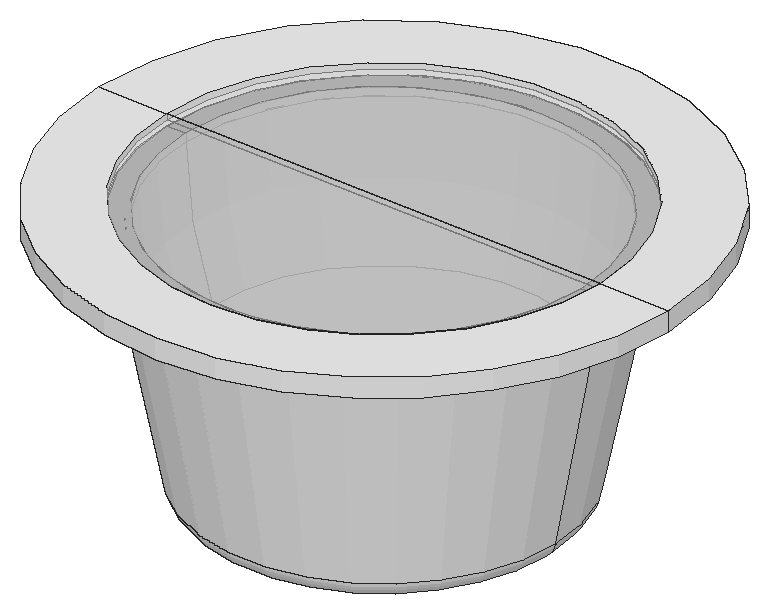
Revit family "2060547+2028034 Sylvania Lighting Fixture ASCENT 100 II ARCH 1000 4K DALI 160 with IP44 Clear Glass", category Lighting Fixtures, host Face, Revit 2016
Family settings
  Host = Face
  Part Type = Normal
  Round Connector Dimension = Use Diameter
  OmniClass Number = 23.80.70.11.17
  OmniClass Title = Specialized Lighting by Location or Use
  Cut with Voids When Loaded = No
  Light Source = Yes
  Shared = No
  Room Calculation Point = No
Parameters (values of type "2060547+2028034 ASCT100 II ARCH 1000 4K DALI 160 with IP44 Clear Glass")
  WidthBezelAcc_SYL = 25.0 mm
  Weight = "1.2 kg"
  Wattage = 7 W
  WarrantyStartDate [instance] = "n/a"
  WarrantyGuarantorParts = "n/a"
  WarrantyDurationUnit = "n/a"
  WarrantyDurationParts = "n/a"
  WarrantyDescription = "n/a"
  built-in parameter 1150110 = 1 (stored number, unit not read)
  Voltage = 0 V
  VisibilityAccessory_SYL = yes
  TypeName = "ASCENT 100 II ARCH 1000 4K DALI 160"
  built-in parameter 1114217 = 1 (stored number, unit not read)
  Tilt Angle = -90°
  built-in parameter 1150109 = 1 (stored number, unit not read)
  built-in parameter 1150134 = 12
  built-in parameter 1150113 = 1 (stored number, unit not read)
  SerialNumber [instance] = "n/a"
  ReflectorRadius_SYL = Radius_SYL - 14.5 mm  # 80.0 mm
  RadiusAcc_SYL = 105.0 mm
  Radius_SYL = 94.5 mm
  URL = "http://www.sylvania-lighting.com"
  PowerFactor = 0
  PowerConsumption = "7 W"
  Photometric Web File = "2060547.ies"
  NominalWidth = 0.0 mm
  NominalLength = 0.0 mm
  NominalHeight = 94.0 mm
  Name = "ASCENT 100 II ARCH 1000 4K DALI 160"
  ModelReference = "ASCENT 100 II ARCH 1000 4K DALI 160"
  ModelNumber = "2060547+2028034"
  Material_4_SYL = none
  Material_3_SYL = Polycarbonate_Sylvania_Ascent_Clear
  Material_2_SYL = Aluminium_Sylvania_Ascent_Silver
  Material_1_SYL = Aluminum_Sylvania_Ascent_White
  Material = "aluminium housing, arcylic diffuser"
  ManufacturerName = "Feilo Sylvania"
  LuminousEfficacy = "144 lm/W"
  built-in parameter 1150105 = 80.214 (stored number, unit not read)
  Lumens = 1008 lm
  LuminaireType = ""
  built-in parameter 1150115 = 1 (stored number, unit not read)
  LightOutputRatio = "100"
  built-in parameter 1150137 = (empty or 0)
  built-in parameter 1150139 = (empty or 0)
  LampsType = Lamp  # "LED"
  LampNominalLuminous = "1009 lm"
  LampMacAdamStep = "3"
  LampColourTemperature = "4000 K"
  LampColourRenderingIndex = "80"
  built-in parameter 1150112 = 1 (stored number, unit not read)
  built-in parameter 1150114 = 1 (stored number, unit not read)
  Keynote = "16500"
  InstallationDate [instance] = "n/a"
  InputVoltage = "n/a"
  InputNominalFrequency = "n/a"
  built-in parameter 1150132 = (empty or 0)
  built-in parameter 1150102 = (empty or 0)
  built-in parameter 1150107 = 4000 (stored number, unit not read)
  built-in parameter 1150138 = (empty or 0)
  IngressProtection = "IP44"
  ImpactProtectionIndex = "IK02"
  built-in parameter 1150106 = 0.80214 (stored number, unit not read)
  IfcExportType = "IfcLightFixtureType"
  IfcExportAs = "IfcLightFixtureType"
  Height_SYL = 94.0 mm
  HeightAcc_SYL = 7.0 mm
  ExpectedLife = 50000
  EmittionSurface_SYL = if(VisibilityAccessory_SYL, 7.0 mm, 3.0 mm)  # 7.0 mm
  Emit from Circle Diameter = DiffuserRadius_SYL * 2  # 146.0 mm
  Emit Shape Visible in Rendering = no
  ElectricShockClassification = "Class II"
  built-in parameter 1150104 = 13.378 (stored number, unit not read)
  DurationUnit = "hours"
  DocumentationLiterature = "http://www.sylvania-lighting.com/product/en-int/products/2060547"
  DimmingControlOptions = "n/a"
  Dimming Lamp Color Temperature Shift = <None>
  DiffuserRadius_SYL = ReflectorRadius_SYL - 7.0 mm  # 73.0 mm
  Diameter_SYL = 2 * Radius_SYL  # 189.0 mm
  CutoutDiameter_SYL = Diameter_SYL - 13.0 mm  # 176.0 mm
  CreatedOn = "9/17/2018"
  CreatedBy = "@sylvania-lighting.com"
  Color Filter = 16777215
  built-in parameter 1114216 [instance] = 1 (stored number, unit not read)
  Model = "ASCENT 100 II ARCH 1000 4K DALI 160"
  Manufacturer = "Feilo Sylvania"
  Lamp = "LED"
  Description = "Direct LED retro fit for original LED 100 Arch (160) single CFL lamp offering Matching lumen levels and improved light distribution of original LED 100 CFL lamp equivalents Typically half the power consumption compared to CFL Up to 112lm/W 160mm aperture Architectural reflector accepts range of glass accessories from existing LED 100 Arch 160 offering HE, HO and VHO versions equivalent of single 1 x 18W, 1 x 32W, 1 x 42W\r\n Additional VVHO versions which offer the performance circa 2 x 32W equivalent"  # constant formula
  Default Elevation = 0.0 mm
  built-in parameter 1140040 [instance] = 1
  BarCode [instance] = "n/a"
  built-in parameter 1114218 = 1 (stored number, unit not read)
  built-in parameter 1150133 = 10 (stored number, unit not read)
  AssetType = "Fixed"
  AssetIdentifier [instance] = "n/a"
  Assembly Code = "D5020200"
  Apparent Load = 7 VA
  Aperture_SYL = 2 * ReflectorRadius_SYL  # 160.0 mm
Reference planes
  plane 1 "Center (Front/Back)": y = 0
  plane 2: z = 0
  plane 3 "Center (Left/Right)": x = 0
  plane 4 "Fixture Bottom": z = 3
  plane 5: z = -52.5
  plane 6 "Fixture Top": z = -91
  plane 7: x = -105
  plane 8: z = 7
  plane 9: x = -80
  plane 10: z = 5
  plane 11: x = -103
Forms (mm)
  Extrusion 1, solid, material "Aluminum_Sylvania_Ascent_White", detail levels fine
    sketch origin (0, 0, 0) x (1, 0, 0) y (0, 1, 0)
      loop
        circle (0, 0) r 94.5
      loop
        circle (0, 0) r 80
    from 0 to 3
  Extrusion 2, void
    sketch origin (0, 0, 0) x (1, 0, 0) y (0, 1, 0)
      loop
        circle (0, 0) r 88
    from -91 to 3
  Revolve 3, solid, material "Aluminum_Sylvania_Ascent_White" <- "Material_1_SYL", detail levels fine
    sketch origin (0, 0, 0) x (1, 0, 0) y (0, 0, 1)
      loop
        line (0, -91.073) -> (0, -89.023) -> (-55.468, -89.014)
        arc (-55.468, -89.014) -> (-59.352, -87.613) -> (-61.54, -84.139) r 6.307
        line (-61.54, -84.139) -> (-77.991, -2.844) -> (-77.991, 0) -> (-80, 0) -> (-80, -3) -> (-63.5, -84.536)
        arc (-63.5, -84.536) -> (-60.643, -89.203) -> (-55.5, -91.073) r 8.291
        line (-55.5, -91.073) -> (0, -91.073)
      axis (0, 0) -> (0, -91.073)
    angle from 0 to 360
  Revolve 4, solid, material "Aluminium_Sylvania_Ascent_Silver" <- "Material_2_SYL", detail levels fine
    sketch origin (0, 0, 0) x (1, 0, 0) y (0, 0, 1)
      loop
        line (-80, 3) -> (-80, 0) -> (-75, 0)
        arc (-75, 0) -> (-72.349, -26.77) -> (-64.5, -52.5) r 136.5
        line (-64.5, -52.5) -> (-58, -52.5)
        arc (-58, -52.5) -> (-56.857, -61.521) -> (-53.5, -69.971) r 36.166
        line (-53.5, -69.971) -> (0, -69.971) -> (0, -50.5) -> (-63.16, -50.5)
        arc (-63.16, -50.5) -> (-70.517, -25.725) -> (-73, 0) r 134.5
        line (-73, 0) -> (-73, 3) -> (-80, 3)
      axis (0, 3) -> (0, -69.971)
    angle from 0 to 360
  Extrusion 5, solid, material "Polycarbonate_Sylvania_Ascent_Clear" <- "Material_3_SYL", detail levels fine
    sketch origin (0, 0, 0) x (1, 0, 0) y (0, 1, 0)
      loop
        circle (0, 0) r 73
    from 0 to 3
  Revolve 6, solid, material "Aluminum_Sylvania_Ascent_White" <- "Material_1_SYL", detail levels coarse+medium
    sketch origin (0, 0, 0) x (1, 0, 0) y (0, 0, 1)
      loop
        line (0, -91.073) -> (0, 3) -> (-94.5, 3) -> (-94.5, 0) -> (-79.5, 0) -> (-79.5, -3) -> (-63, -84.536)
        arc (-63, -84.536) -> (-60.143, -89.203) -> (-55, -91.073) r 8.291
        line (-55, -91.073) -> (0, -91.073)
      axis (0, 3) -> (0, -91.073)
    angle from 0 to 360
  Revolve 7, solid, material "Aluminum_Sylvania_Ascent_White" <- "Material_1_SYL", visible <- "VisibilityAccessory_SYL"
    sketch origin (0, 0, 0) x (1, 0, 0) y (0, 0, 1)
      loop
        line (-105, 0) -> (-103, 0) -> (-103, 5) -> (-80, 5) -> (-80, 7) -> (-105, 7) -> (-105, 0)
      axis (0, 7) -> (0, 0)
    angle from 0 to 360
  Revolve 8, solid, material "Polycarbonate_Sylvania_Ascent_Clear" <- "Material_3_SYL", visible <- "VisibilityAccessory_SYL"
    sketch origin (0, 0, 0) x (1, 0, 0) y (0, 0, 1)
      loop
        line (-80, 7) -> (-80, 5) -> (0, 5) -> (0, 7) -> (-80, 7)
      axis (0, 7) -> (0, 5)
    angle from 0 to 360
Lines and regions (mm)
  reference lines
    curve 1: line (-150, 0, 7) -> (125, 0, 7)
Dimensions and locks
  locked: plane 4 "Fixture Bottom" to plane 2 at 3
  "Height_SYL": plane 4 "Fixture Bottom" to plane 6 "Fixture Top"
  "ReflectorRadius_SYL": plane 3 "Center (Left/Right)" to Revolve 4 sketch curve
  locked: Revolve 4 sketch curve to Revolve 4 sketch curve at 15.5
  locked: Revolve 4 sketch curve to Revolve 4 sketch curve at 5
  locked: Revolve 4 sketch curve to Revolve 4 sketch curve at 7
  locked: Revolve 4 sketch curve to Revolve 4 sketch curve at 22
  locked: Revolve 4 sketch curve to Revolve 4 sketch curve at 26.5
  locked: Revolve 3 sketch curve to Revolve 3 sketch curve at 16.5
  locked: Revolve 3 sketch curve to Revolve 3 sketch curve at 24.5
  "ReflectorRadius_SYL": Revolve 3 sketch curve to plane 3 "Center (Left/Right)"
  locked: Revolve 3 sketch curve to plane 6 "Fixture Top" at 6.464
  locked: plane 2 to Revolve 3 sketch curve at 3
  locked: Revolve 3 sketch curve to Revolve 3 sketch curve at 2
  locked: Revolve 3 sketch curve to Revolve 3 sketch curve at 2.009
  locked: plane 2 to plane 5 at 52.5
  locked: Revolve 6 sketch curve to Revolve 6 sketch curve at 31.5
  locked: Revolve 6 sketch curve to Revolve 6 sketch curve at 39.5
  locked: Revolve 6 sketch curve to Revolve 6 sketch curve at 15
  "Radius_SYL": plane 3 "Center (Left/Right)" to Revolve 6 sketch curve
  "RadiusAcc_SYL": plane 3 "Center (Left/Right)" to plane 7
  "HeightAcc_SYL": plane 8 to level
  "WidthBezelAcc_SYL": plane 7 to plane 9
  locked: plane 7 to plane 11 at 2
  locked: plane 8 to plane 10 at 2
  "EmittionSurface_SYL": curve 1 to level
  "CutoutDiameter_SYL": diameter of Extrusion 2 sketch curve
  "ReflectorRadius_SYL": radius of Extrusion 1 sketch curve
  "DiffuserRadius_SYL": radius of Extrusion 5 sketch curve
  "Radius_SYL": radius of Extrusion 1 sketch curve
  aligned and locked: host face to plane 2
  aligned and locked: host face to level
  aligned and locked: plane 4 "Fixture Bottom" to Extrusion 1
  aligned and locked: Extrusion 1 to plane 2
  aligned and locked: Revolve 3 sketch curve to plane 3 "Center (Left/Right)"
  aligned and locked: Revolve 4 sketch curve to plane 3 "Center (Left/Right)"  (x2)
  aligned and locked: plane 4 "Fixture Bottom" to Revolve 4 sketch curve
  aligned and locked: Extrusion 5 to plane 2
  aligned and locked: plane 2 to Revolve 3 sketch curve  (x2)
  aligned and locked: Revolve 6 sketch curve to plane 3 "Center (Left/Right)"
  aligned and locked: plane 6 "Fixture Top" to Extrusion 2
  aligned and locked: Revolve 7 sketch curve to plane 3 "Center (Left/Right)"
  aligned and locked: host face to Revolve 7 sketch curve  (x2)
  aligned and locked: Revolve 7 sketch curve to plane 7
  aligned and locked: plane 8 to Revolve 7 sketch curve
  aligned and locked: plane 9 to Revolve 7 sketch curve
  aligned and locked: Revolve 7 sketch curve to plane 10
  aligned and locked: plane 11 to Revolve 7 sketch curve
  aligned and locked: Revolve 7 to Revolve 8 sketch curve
  aligned and locked: Revolve 8 sketch curve to Revolve 7  (x2)
  aligned and locked: Revolve 8 sketch curve to plane 3 "Center (Left/Right)"  (x2)
  aligned and locked: plane 3 "Center (Left/Right)" to imposter light
  aligned and locked: imposter light to plane 1 "Center (Front/Back)"
  aligned and locked: imposter light to curve 1
Automatic sketch dimensions
  plane 1 "Center (Front/Back)" to Extrusion 2 sketch curve = 0.0 mm
  Extrusion 2 sketch curve to plane 3 "Center (Left/Right)" = 0.0 mm
  Extrusion 1 sketch curve to Extrusion 1 sketch curve = 0.0 mm  (x2)
  plane 1 "Center (Front/Back)" to Extrusion 1 sketch curve = 0.0 mm
  Extrusion 1 sketch curve to plane 3 "Center (Left/Right)" = 0.0 mm
  plane 6 "Fixture Top" to Revolve 3 sketch curve = 0.073 mm
  Revolve 3 sketch curve to plane 6 "Fixture Top" = 6.861 mm
  Revolve 3 sketch curve to Revolve 3 sketch curve = 0.003 mm
  Revolve 3 sketch curve to Revolve 3 sketch curve = 0.009 mm  (x2)
  Revolve 3 sketch curve to Revolve 3 sketch curve = 0.023 mm
  Revolve 3 sketch curve to Revolve 3 sketch curve = 0.072 mm
  Revolve 3 sketch curve to Revolve 3 sketch curve = 0.008 mm
  Revolve 3 sketch curve to plane 6 "Fixture Top" = 1.977 mm
  Revolve 3 sketch curve to Revolve 3 sketch curve = 33.496 mm
  Revolve 3 sketch curve to Revolve 3 sketch curve = 0.028 mm
  plane 4 "Fixture Bottom" to Revolve 3 sketch curve = 82.431 mm
  Revolve 4 sketch curve to Revolve 4 sketch curve = 0.0 mm  (x2)
  Revolve 4 sketch curve to plane 5 = 0.0 mm
  Revolve 4 sketch curve to level = 0.0 mm
  plane 5 to Revolve 4 sketch curve = 2.0 mm
  plane 4 "Fixture Bottom" to Revolve 4 sketch curve = 9.642 mm
  plane 1 "Center (Front/Back)" to Extrusion 5 sketch curve = 0.0 mm
  Extrusion 5 sketch curve to plane 3 "Center (Left/Right)" = 0.0 mm
  Revolve 4 sketch curve to level = 69.971 mm
  Revolve 4 sketch curve to Revolve 4 sketch curve = 2.387 mm
  Revolve 6 sketch curve to level = 0.0 mm
  Revolve 6 sketch curve to plane 3 "Center (Left/Right)" = 0.0 mm
  Revolve 6 sketch curve to Revolve 6 sketch curve = 8.104 mm
  Revolve 6 sketch curve to level = 3.0 mm
  Revolve 6 sketch curve to plane 6 "Fixture Top" = 6.464 mm
  plane 6 "Fixture Top" to Revolve 6 sketch curve = 0.073 mm
  Revolve 6 sketch curve to Revolve 6 sketch curve = 33.496 mm
  plane 4 "Fixture Bottom" to Revolve 6 sketch curve = 82.431 mm
  host sketch curve to host sketch curve = 1704.996 mm
  host sketch curve to host sketch curve = 1500.0 mm
  plane 6 "Fixture Top" to Revolve 7 sketch curve = 281.274 mm
  Revolve 7 sketch curve to plane 8 = 1140.706 mm
  plane 6 "Fixture Top" to Revolve 8 sketch curve = 281.274 mm
  Revolve 8 sketch curve to Revolve 8 sketch curve = 1140.706 mm
  Revolve 3 sketch curve to plane 3 "Center (Left/Right)" = 0.0 mm
  Revolve 6 sketch curve to plane 4 "Fixture Bottom" = 0.0 mm
  plane 7 to curve 1 = 45.0 mm
  plane 3 "Center (Left/Right)" to curve 1 = 125.0 mm
Connectors
  electrical at (0, 0, -91.073), driven by "Apparent Load"
    settings: on Revolve 3, index 1, voltage 240 V, apparent load 0 VA, apparent load phase1 7 VA, apparent load phase2 0 VA, apparent load phase3 0 VA, power factor 1, load classification "Lighting", number of poles 1, system type 31, power factor state 1, is connector primary yes, connector utility no, sub classification motor no, connector description ""
